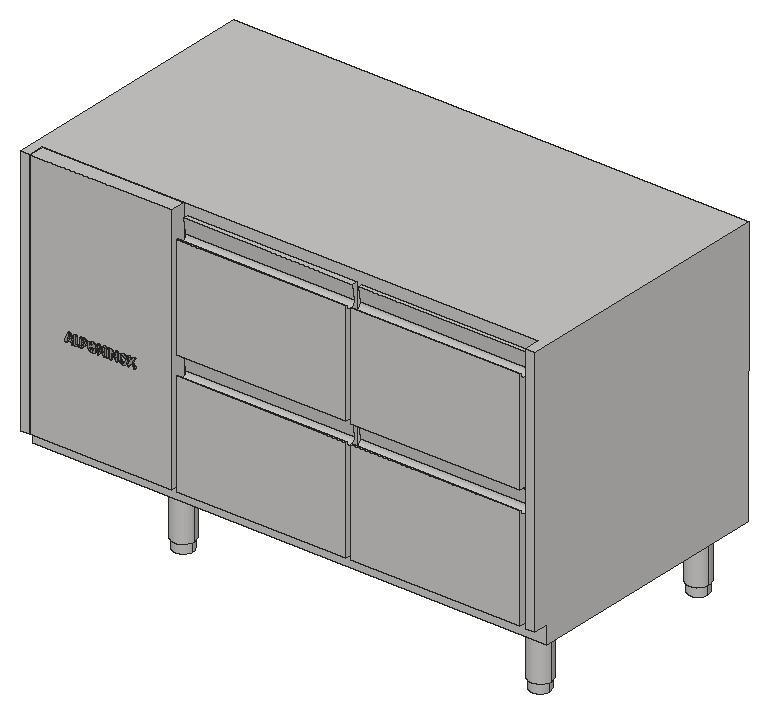
Revit family "QF_ALPENINOX_712017_AH2H7BB", category Specialty Equipment, Revit 2018 (continued)
Definition of nested family "ALP_Cooling Unit"
  Lines and regions (mm)
    Split face 133
      outline origin (110.032, 2, -125.094) x (0, 0, 1) y (-1, 0, 0)
        loop
          arc (510.649, 158.547) -> (506.648, 162.548) -> (502.647, 158.547) r 4.001
          line (502.647, 158.547) -> (502.647, 116.535)
          arc (502.647, 116.535) -> (506.648, 112.533) -> (510.649, 116.535) r 4.001
          line (510.649, 116.535) -> (510.649, 158.547)
    Split face 134
      outline origin (110.032, 2, -137.098) x (0, 0, 1) y (-1, 0, 0)
        loop
          arc (510.649, 158.547) -> (506.648, 162.548) -> (502.647, 158.547) r 4.001
          line (502.647, 158.547) -> (502.647, 116.535)
          arc (502.647, 116.535) -> (506.648, 112.533) -> (510.649, 116.535) r 4.001
          line (510.649, 116.535) -> (510.649, 158.547)
    Split face 135
      outline origin (110.032, 2, -149.101) x (0, 0, 1) y (-1, 0, 0)
        loop
          arc (510.649, 158.547) -> (506.648, 162.548) -> (502.647, 158.547) r 4.001
          line (502.647, 158.547) -> (502.647, 116.535)
          arc (502.647, 116.535) -> (506.648, 112.533) -> (510.649, 116.535) r 4.001
          line (510.649, 116.535) -> (510.649, 158.547)
    Split face 136
      outline origin (110.032, 2, -161.105) x (0, 0, 1) y (-1, 0, 0)
        loop
          arc (510.649, 158.547) -> (506.648, 162.548) -> (502.647, 158.547) r 4.001
          line (502.647, 158.547) -> (502.647, 116.535)
          arc (502.647, 116.535) -> (506.648, 112.533) -> (510.649, 116.535) r 4.001
          line (510.649, 116.535) -> (510.649, 158.547)
    Split face 137
      outline origin (110.032, 2, -173.108) x (0, 0, 1) y (-1, 0, 0)
        loop
          arc (510.649, 158.547) -> (506.648, 162.548) -> (502.647, 158.547) r 4.001
          line (502.647, 158.547) -> (502.647, 116.535)
          arc (502.647, 116.535) -> (506.648, 112.533) -> (510.649, 116.535) r 4.001
          line (510.649, 116.535) -> (510.649, 158.547)
    Split face 138
      outline origin (110.032, 2, -185.112) x (0, 0, 1) y (-1, 0, 0)
        loop
          arc (510.649, 158.547) -> (506.648, 162.548) -> (502.647, 158.547) r 4.001
          line (502.647, 158.547) -> (502.647, 116.535)
          arc (502.647, 116.535) -> (506.648, 112.533) -> (510.649, 116.535) r 4.001
          line (510.649, 116.535) -> (510.649, 158.547)
    Split face 139
      outline origin (110.032, 2, -197.115) x (0, 0, 1) y (-1, 0, 0)
        loop
          arc (510.649, 158.547) -> (506.648, 162.548) -> (502.647, 158.547) r 4.001
          line (502.647, 158.547) -> (502.647, 116.535)
          arc (502.647, 116.535) -> (506.648, 112.533) -> (510.649, 116.535) r 4.001
          line (510.649, 116.535) -> (510.649, 158.547)
    Split face 140
      outline origin (110.032, 2, -209.119) x (0, 0, 1) y (-1, 0, 0)
        loop
          arc (510.649, 158.547) -> (506.648, 162.548) -> (502.647, 158.547) r 4.001
          line (502.647, 158.547) -> (502.647, 116.535)
          arc (502.647, 116.535) -> (506.648, 112.533) -> (510.649, 116.535) r 4.001
          line (510.649, 116.535) -> (510.649, 158.547)
    Split face 141
      outline origin (110.032, 2, -221.122) x (0, 0, 1) y (-1, 0, 0)
        loop
          arc (510.649, 158.547) -> (506.648, 162.548) -> (502.647, 158.547) r 4.001
          line (502.647, 158.547) -> (502.647, 116.535)
          arc (502.647, 116.535) -> (506.648, 112.533) -> (510.649, 116.535) r 4.001
          line (510.649, 116.535) -> (510.649, 158.547)
    Split face 142
      outline origin (110.032, 2, -233.126) x (0, 0, 1) y (-1, 0, 0)
        loop
          arc (510.649, 158.547) -> (506.648, 162.548) -> (502.647, 158.547) r 4.001
          line (502.647, 158.547) -> (502.647, 116.535)
          arc (502.647, 116.535) -> (506.648, 112.533) -> (510.649, 116.535) r 4.001
          line (510.649, 116.535) -> (510.649, 158.547)
    Split face 143
      outline origin (110.032, 2, -245.129) x (0, 0, 1) y (-1, 0, 0)
        loop
          arc (510.649, 158.547) -> (506.648, 162.548) -> (502.647, 158.547) r 4.001
          line (502.647, 158.547) -> (502.647, 116.535)
          arc (502.647, 116.535) -> (506.648, 112.533) -> (510.649, 116.535) r 4.001
          line (510.649, 116.535) -> (510.649, 158.547)
    Split face 144
      outline origin (110.032, 2, -257.133) x (0, 0, 1) y (-1, 0, 0)
        loop
          arc (510.649, 158.547) -> (506.648, 162.548) -> (502.647, 158.547) r 4.001
          line (502.647, 158.547) -> (502.647, 116.535)
          arc (502.647, 116.535) -> (506.648, 112.533) -> (510.649, 116.535) r 4.001
          line (510.649, 116.535) -> (510.649, 158.547)
    Split face 145
      outline origin (110.032, 2, -269.136) x (0, 0, 1) y (-1, 0, 0)
        loop
          arc (510.649, 158.547) -> (506.648, 162.548) -> (502.647, 158.547) r 4.001
          line (502.647, 158.547) -> (502.647, 116.535)
          arc (502.647, 116.535) -> (506.648, 112.533) -> (510.649, 116.535) r 4.001
          line (510.649, 116.535) -> (510.649, 158.547)
    Split face 146
      outline origin (110.032, 2, -281.14) x (0, 0, 1) y (-1, 0, 0)
        loop
          arc (510.649, 158.547) -> (506.648, 162.548) -> (502.647, 158.547) r 4.001
          line (502.647, 158.547) -> (502.647, 116.535)
          arc (502.647, 116.535) -> (506.648, 112.533) -> (510.649, 116.535) r 4.001
          line (510.649, 116.535) -> (510.649, 158.547)
    Split face 147
      outline origin (110.032, 2, -293.144) x (0, 0, 1) y (-1, 0, 0)
        loop
          arc (510.649, 158.547) -> (506.648, 162.548) -> (502.647, 158.547) r 4.001
          line (502.647, 158.547) -> (502.647, 116.535)
          arc (502.647, 116.535) -> (506.648, 112.533) -> (510.649, 116.535) r 4.001
          line (510.649, 116.535) -> (510.649, 158.547)
    Split face 148
      outline origin (165.048, 2, -113.091) x (0, 0, 1) y (-1, 0, 0)
        loop
          arc (510.649, 158.547) -> (506.648, 162.548) -> (502.647, 158.547) r 4.001
          line (502.647, 158.547) -> (502.647, 116.535)
          arc (502.647, 116.535) -> (506.648, 112.533) -> (510.649, 116.535) r 4.001
          line (510.649, 116.535) -> (510.649, 158.547)
    Split face 149
      outline origin (165.048, 2, -125.094) x (0, 0, 1) y (-1, 0, 0)
        loop
          arc (510.649, 158.547) -> (506.648, 162.548) -> (502.647, 158.547) r 4.001
          line (502.647, 158.547) -> (502.647, 116.535)
          arc (502.647, 116.535) -> (506.648, 112.533) -> (510.649, 116.535) r 4.001
          line (510.649, 116.535) -> (510.649, 158.547)
    Split face 150
      outline origin (165.048, 2, -137.098) x (0, 0, 1) y (-1, 0, 0)
        loop
          arc (510.649, 158.547) -> (506.648, 162.548) -> (502.647, 158.547) r 4.001
          line (502.647, 158.547) -> (502.647, 116.535)
          arc (502.647, 116.535) -> (506.648, 112.533) -> (510.649, 116.535) r 4.001
          line (510.649, 116.535) -> (510.649, 158.547)
    Split face 151
      outline origin (165.048, 2, -149.101) x (0, 0, 1) y (-1, 0, 0)
        loop
          arc (510.649, 158.547) -> (506.648, 162.548) -> (502.647, 158.547) r 4.001
          line (502.647, 158.547) -> (502.647, 116.535)
          arc (502.647, 116.535) -> (506.648, 112.533) -> (510.649, 116.535) r 4.001
          line (510.649, 116.535) -> (510.649, 158.547)
    Split face 152
      outline origin (165.048, 2, -161.105) x (0, 0, 1) y (-1, 0, 0)
        loop
          arc (510.649, 158.547) -> (506.648, 162.548) -> (502.647, 158.547) r 4.001
          line (502.647, 158.547) -> (502.647, 116.535)
          arc (502.647, 116.535) -> (506.648, 112.533) -> (510.649, 116.535) r 4.001
          line (510.649, 116.535) -> (510.649, 158.547)
    Split face 153
      outline origin (165.048, 2, -173.108) x (0, 0, 1) y (-1, 0, 0)
        loop
          arc (510.649, 158.547) -> (506.648, 162.548) -> (502.647, 158.547) r 4.001
          line (502.647, 158.547) -> (502.647, 116.535)
          arc (502.647, 116.535) -> (506.648, 112.533) -> (510.649, 116.535) r 4.001
          line (510.649, 116.535) -> (510.649, 158.547)
    Split face 154
      outline origin (165.048, 2, -185.112) x (0, 0, 1) y (-1, 0, 0)
        loop
          arc (510.649, 158.547) -> (506.648, 162.548) -> (502.647, 158.547) r 4.001
          line (502.647, 158.547) -> (502.647, 116.535)
          arc (502.647, 116.535) -> (506.648, 112.533) -> (510.649, 116.535) r 4.001
          line (510.649, 116.535) -> (510.649, 158.547)
    Split face 155
      outline origin (165.048, 2, -197.115) x (0, 0, 1) y (-1, 0, 0)
        loop
          arc (510.649, 158.547) -> (506.648, 162.548) -> (502.647, 158.547) r 4.001
          line (502.647, 158.547) -> (502.647, 116.535)
          arc (502.647, 116.535) -> (506.648, 112.533) -> (510.649, 116.535) r 4.001
          line (510.649, 116.535) -> (510.649, 158.547)
    Split face 156
      outline origin (165.048, 2, -209.119) x (0, 0, 1) y (-1, 0, 0)
        loop
          arc (510.649, 158.547) -> (506.648, 162.548) -> (502.647, 158.547) r 4.001
          line (502.647, 158.547) -> (502.647, 116.535)
          arc (502.647, 116.535) -> (506.648, 112.533) -> (510.649, 116.535) r 4.001
          line (510.649, 116.535) -> (510.649, 158.547)
    Split face 157
      outline origin (165.048, 2, -221.122) x (0, 0, 1) y (-1, 0, 0)
        loop
          arc (510.649, 158.547) -> (506.648, 162.548) -> (502.647, 158.547) r 4.001
          line (502.647, 158.547) -> (502.647, 116.535)
          arc (502.647, 116.535) -> (506.648, 112.533) -> (510.649, 116.535) r 4.001
          line (510.649, 116.535) -> (510.649, 158.547)
    Split face 158
      outline origin (165.048, 2, -233.126) x (0, 0, 1) y (-1, 0, 0)
        loop
          arc (510.649, 158.547) -> (506.648, 162.548) -> (502.647, 158.547) r 4.001
          line (502.647, 158.547) -> (502.647, 116.535)
          arc (502.647, 116.535) -> (506.648, 112.533) -> (510.649, 116.535) r 4.001
          line (510.649, 116.535) -> (510.649, 158.547)
    Split face 159
      outline origin (165.048, 2, -245.129) x (0, 0, 1) y (-1, 0, 0)
        loop
          arc (510.649, 158.547) -> (506.648, 162.548) -> (502.647, 158.547) r 4.001
          line (502.647, 158.547) -> (502.647, 116.535)
          arc (502.647, 116.535) -> (506.648, 112.533) -> (510.649, 116.535) r 4.001
          line (510.649, 116.535) -> (510.649, 158.547)
    Split face 160
      outline origin (165.048, 2, -257.133) x (0, 0, 1) y (-1, 0, 0)
        loop
          arc (510.649, 158.547) -> (506.648, 162.548) -> (502.647, 158.547) r 4.001
          line (502.647, 158.547) -> (502.647, 116.535)
          arc (502.647, 116.535) -> (506.648, 112.533) -> (510.649, 116.535) r 4.001
          line (510.649, 116.535) -> (510.649, 158.547)
    Split face 161
      outline origin (165.048, 2, -269.136) x (0, 0, 1) y (-1, 0, 0)
        loop
          arc (510.649, 158.547) -> (506.648, 162.548) -> (502.647, 158.547) r 4.001
          line (502.647, 158.547) -> (502.647, 116.535)
          arc (502.647, 116.535) -> (506.648, 112.533) -> (510.649, 116.535) r 4.001
          line (510.649, 116.535) -> (510.649, 158.547)
    Split face 162
      outline origin (165.048, 2, -281.14) x (0, 0, 1) y (-1, 0, 0)
        loop
          arc (510.649, 158.547) -> (506.648, 162.548) -> (502.647, 158.547) r 4.001
          line (502.647, 158.547) -> (502.647, 116.535)
          arc (502.647, 116.535) -> (506.648, 112.533) -> (510.649, 116.535) r 4.001
          line (510.649, 116.535) -> (510.649, 158.547)
    Split face 163
      outline origin (165.048, 2, -293.144) x (0, 0, 1) y (-1, 0, 0)
        loop
          arc (510.649, 158.547) -> (506.648, 162.548) -> (502.647, 158.547) r 4.001
          line (502.647, 158.547) -> (502.647, 116.535)
          arc (502.647, 116.535) -> (506.648, 112.533) -> (510.649, 116.535) r 4.001
          line (510.649, 116.535) -> (510.649, 158.547)
    Split face 164
      outline origin (220.064, 2, -113.091) x (0, 0, 1) y (-1, 0, 0)
        loop
          arc (510.649, 158.547) -> (506.648, 162.548) -> (502.647, 158.547) r 4.001
          line (502.647, 158.547) -> (502.647, 116.535)
          arc (502.647, 116.535) -> (506.648, 112.533) -> (510.649, 116.535) r 4.001
          line (510.649, 116.535) -> (510.649, 158.547)
    Split face 165
      outline origin (220.064, 2, -125.094) x (0, 0, 1) y (-1, 0, 0)
        loop
          arc (510.649, 158.547) -> (506.648, 162.548) -> (502.647, 158.547) r 4.001
          line (502.647, 158.547) -> (502.647, 116.535)
          arc (502.647, 116.535) -> (506.648, 112.533) -> (510.649, 116.535) r 4.001
          line (510.649, 116.535) -> (510.649, 158.547)
    Split face 166
      outline origin (220.064, 2, -137.098) x (0, 0, 1) y (-1, 0, 0)
        loop
          arc (510.649, 158.547) -> (506.648, 162.548) -> (502.647, 158.547) r 4.001
          line (502.647, 158.547) -> (502.647, 116.535)
          arc (502.647, 116.535) -> (506.648, 112.533) -> (510.649, 116.535) r 4.001
          line (510.649, 116.535) -> (510.649, 158.547)
    Split face 167
      outline origin (220.064, 2, -149.101) x (0, 0, 1) y (-1, 0, 0)
        loop
          arc (510.649, 158.547) -> (506.648, 162.548) -> (502.647, 158.547) r 4.001
          line (502.647, 158.547) -> (502.647, 116.535)
          arc (502.647, 116.535) -> (506.648, 112.533) -> (510.649, 116.535) r 4.001
          line (510.649, 116.535) -> (510.649, 158.547)
    Split face 168
      outline origin (220.064, 2, -161.105) x (0, 0, 1) y (-1, 0, 0)
        loop
          arc (510.649, 158.547) -> (506.648, 162.548) -> (502.647, 158.547) r 4.001
          line (502.647, 158.547) -> (502.647, 116.535)
          arc (502.647, 116.535) -> (506.648, 112.533) -> (510.649, 116.535) r 4.001
          line (510.649, 116.535) -> (510.649, 158.547)
    Split face 169
      outline origin (220.064, 2, -173.108) x (0, 0, 1) y (-1, 0, 0)
        loop
          arc (510.649, 158.547) -> (506.648, 162.548) -> (502.647, 158.547) r 4.001
          line (502.647, 158.547) -> (502.647, 116.535)
          arc (502.647, 116.535) -> (506.648, 112.533) -> (510.649, 116.535) r 4.001
          line (510.649, 116.535) -> (510.649, 158.547)
    Split face 170
      outline origin (220.064, 2, -185.112) x (0, 0, 1) y (-1, 0, 0)
        loop
          arc (510.649, 158.547) -> (506.648, 162.548) -> (502.647, 158.547) r 4.001
          line (502.647, 158.547) -> (502.647, 116.535)
          arc (502.647, 116.535) -> (506.648, 112.533) -> (510.649, 116.535) r 4.001
          line (510.649, 116.535) -> (510.649, 158.547)
    Split face 171
      outline origin (220.064, 2, -197.115) x (0, 0, 1) y (-1, 0, 0)
        loop
          arc (510.649, 158.547) -> (506.648, 162.548) -> (502.647, 158.547) r 4.001
          line (502.647, 158.547) -> (502.647, 116.535)
          arc (502.647, 116.535) -> (506.648, 112.533) -> (510.649, 116.535) r 4.001
          line (510.649, 116.535) -> (510.649, 158.547)
    Split face 172
      outline origin (220.064, 2, -209.119) x (0, 0, 1) y (-1, 0, 0)
        loop
          arc (510.649, 158.547) -> (506.648, 162.548) -> (502.647, 158.547) r 4.001
          line (502.647, 158.547) -> (502.647, 116.535)
          arc (502.647, 116.535) -> (506.648, 112.533) -> (510.649, 116.535) r 4.001
          line (510.649, 116.535) -> (510.649, 158.547)
    Split face 173
      outline origin (220.064, 2, -221.122) x (0, 0, 1) y (-1, 0, 0)
        loop
          arc (510.649, 158.547) -> (506.648, 162.548) -> (502.647, 158.547) r 4.001
          line (502.647, 158.547) -> (502.647, 116.535)
          arc (502.647, 116.535) -> (506.648, 112.533) -> (510.649, 116.535) r 4.001
          line (510.649, 116.535) -> (510.649, 158.547)
    Split face 174
      outline origin (220.064, 2, -233.126) x (0, 0, 1) y (-1, 0, 0)
        loop
          arc (510.649, 158.547) -> (506.648, 162.548) -> (502.647, 158.547) r 4.001
          line (502.647, 158.547) -> (502.647, 116.535)
          arc (502.647, 116.535) -> (506.648, 112.533) -> (510.649, 116.535) r 4.001
          line (510.649, 116.535) -> (510.649, 158.547)
    Split face 175
      outline origin (220.064, 2, -245.129) x (0, 0, 1) y (-1, 0, 0)
        loop
          arc (510.649, 158.547) -> (506.648, 162.548) -> (502.647, 158.547) r 4.001
          line (502.647, 158.547) -> (502.647, 116.535)
          arc (502.647, 116.535) -> (506.648, 112.533) -> (510.649, 116.535) r 4.001
          line (510.649, 116.535) -> (510.649, 158.547)
    Split face 176
      outline origin (220.064, 2, -257.133) x (0, 0, 1) y (-1, 0, 0)
        loop
          arc (510.649, 158.547) -> (506.648, 162.548) -> (502.647, 158.547) r 4.001
          line (502.647, 158.547) -> (502.647, 116.535)
          arc (502.647, 116.535) -> (506.648, 112.533) -> (510.649, 116.535) r 4.001
          line (510.649, 116.535) -> (510.649, 158.547)
    Split face 177
      outline origin (220.064, 2, -269.136) x (0, 0, 1) y (-1, 0, 0)
        loop
          arc (510.649, 158.547) -> (506.648, 162.548) -> (502.647, 158.547) r 4.001
          line (502.647, 158.547) -> (502.647, 116.535)
          arc (502.647, 116.535) -> (506.648, 112.533) -> (510.649, 116.535) r 4.001
          line (510.649, 116.535) -> (510.649, 158.547)
    Split face 178
      outline origin (220.064, 2, -281.14) x (0, 0, 1) y (-1, 0, 0)
        loop
          arc (510.649, 158.547) -> (506.648, 162.548) -> (502.647, 158.547) r 4.001
          line (502.647, 158.547) -> (502.647, 116.535)
          arc (502.647, 116.535) -> (506.648, 112.533) -> (510.649, 116.535) r 4.001
          line (510.649, 116.535) -> (510.649, 158.547)
    Split face 179
      outline origin (220.064, 2, -293.144) x (0, 0, 1) y (-1, 0, 0)
        loop
          arc (510.649, 158.547) -> (506.648, 162.548) -> (502.647, 158.547) r 4.001
          line (502.647, 158.547) -> (502.647, 116.535)
          arc (502.647, 116.535) -> (506.648, 112.533) -> (510.649, 116.535) r 4.001
          line (510.649, 116.535) -> (510.649, 158.547)
    Split face 180
      outline origin (275.081, 2, -113.091) x (0, 0, 1) y (-1, 0, 0)
        loop
          arc (510.649, 158.547) -> (506.648, 162.548) -> (502.647, 158.547) r 4.001
          line (502.647, 158.547) -> (502.647, 116.535)
          arc (502.647, 116.535) -> (506.648, 112.533) -> (510.649, 116.535) r 4.001
          line (510.649, 116.535) -> (510.649, 158.547)
    Split face 181
      outline origin (275.081, 2, -125.094) x (0, 0, 1) y (-1, 0, 0)
        loop
          arc (510.649, 158.547) -> (506.648, 162.548) -> (502.647, 158.547) r 4.001
          line (502.647, 158.547) -> (502.647, 116.535)
          arc (502.647, 116.535) -> (506.648, 112.533) -> (510.649, 116.535) r 4.001
          line (510.649, 116.535) -> (510.649, 158.547)
    Split face 182
      outline origin (275.081, 2, -137.098) x (0, 0, 1) y (-1, 0, 0)
        loop
          arc (510.649, 158.547) -> (506.648, 162.548) -> (502.647, 158.547) r 4.001
          line (502.647, 158.547) -> (502.647, 116.535)
          arc (502.647, 116.535) -> (506.648, 112.533) -> (510.649, 116.535) r 4.001
          line (510.649, 116.535) -> (510.649, 158.547)
    Split face 183
      outline origin (275.081, 2, -149.101) x (0, 0, 1) y (-1, 0, 0)
        loop
          arc (510.649, 158.547) -> (506.648, 162.548) -> (502.647, 158.547) r 4.001
          line (502.647, 158.547) -> (502.647, 116.535)
          arc (502.647, 116.535) -> (506.648, 112.533) -> (510.649, 116.535) r 4.001
          line (510.649, 116.535) -> (510.649, 158.547)
    Split face 184
      outline origin (275.081, 2, -161.105) x (0, 0, 1) y (-1, 0, 0)
        loop
          arc (510.649, 158.547) -> (506.648, 162.548) -> (502.647, 158.547) r 4.001
          line (502.647, 158.547) -> (502.647, 116.535)
          arc (502.647, 116.535) -> (506.648, 112.533) -> (510.649, 116.535) r 4.001
          line (510.649, 116.535) -> (510.649, 158.547)
    Split face 185
      outline origin (275.081, 2, -173.108) x (0, 0, 1) y (-1, 0, 0)
        loop
          arc (510.649, 158.547) -> (506.648, 162.548) -> (502.647, 158.547) r 4.001
          line (502.647, 158.547) -> (502.647, 116.535)
          arc (502.647, 116.535) -> (506.648, 112.533) -> (510.649, 116.535) r 4.001
          line (510.649, 116.535) -> (510.649, 158.547)
    Split face 186
      outline origin (275.081, 2, -185.112) x (0, 0, 1) y (-1, 0, 0)
        loop
          arc (510.649, 158.547) -> (506.648, 162.548) -> (502.647, 158.547) r 4.001
          line (502.647, 158.547) -> (502.647, 116.535)
          arc (502.647, 116.535) -> (506.648, 112.533) -> (510.649, 116.535) r 4.001
          line (510.649, 116.535) -> (510.649, 158.547)
    Split face 187
      outline origin (275.081, 2, -197.115) x (0, 0, 1) y (-1, 0, 0)
        loop
          arc (510.649, 158.547) -> (506.648, 162.548) -> (502.647, 158.547) r 4.001
          line (502.647, 158.547) -> (502.647, 116.535)
          arc (502.647, 116.535) -> (506.648, 112.533) -> (510.649, 116.535) r 4.001
          line (510.649, 116.535) -> (510.649, 158.547)
    Split face 188
      outline origin (275.081, 2, -209.119) x (0, 0, 1) y (-1, 0, 0)
        loop
          arc (510.649, 158.547) -> (506.648, 162.548) -> (502.647, 158.547) r 4.001
          line (502.647, 158.547) -> (502.647, 116.535)
          arc (502.647, 116.535) -> (506.648, 112.533) -> (510.649, 116.535) r 4.001
          line (510.649, 116.535) -> (510.649, 158.547)
    Split face 189
      outline origin (275.081, 2, -221.122) x (0, 0, 1) y (-1, 0, 0)
        loop
          arc (510.649, 158.547) -> (506.648, 162.548) -> (502.647, 158.547) r 4.001
          line (502.647, 158.547) -> (502.647, 116.535)
          arc (502.647, 116.535) -> (506.648, 112.533) -> (510.649, 116.535) r 4.001
          line (510.649, 116.535) -> (510.649, 158.547)
    Split face 190
      outline origin (275.081, 2, -233.126) x (0, 0, 1) y (-1, 0, 0)
        loop
          arc (510.649, 158.547) -> (506.648, 162.548) -> (502.647, 158.547) r 4.001
          line (502.647, 158.547) -> (502.647, 116.535)
          arc (502.647, 116.535) -> (506.648, 112.533) -> (510.649, 116.535) r 4.001
          line (510.649, 116.535) -> (510.649, 158.547)
    Split face 191
      outline origin (275.081, 2, -245.129) x (0, 0, 1) y (-1, 0, 0)
        loop
          arc (510.649, 158.547) -> (506.648, 162.548) -> (502.647, 158.547) r 4.001
          line (502.647, 158.547) -> (502.647, 116.535)
          arc (502.647, 116.535) -> (506.648, 112.533) -> (510.649, 116.535) r 4.001
          line (510.649, 116.535) -> (510.649, 158.547)
    Split face 192
      outline origin (275.081, 2, -257.133) x (0, 0, 1) y (-1, 0, 0)
        loop
          arc (510.649, 158.547) -> (506.648, 162.548) -> (502.647, 158.547) r 4.001
          line (502.647, 158.547) -> (502.647, 116.535)
          arc (502.647, 116.535) -> (506.648, 112.533) -> (510.649, 116.535) r 4.001
          line (510.649, 116.535) -> (510.649, 158.547)
    Split face 193
      outline origin (275.081, 2, -269.136) x (0, 0, 1) y (-1, 0, 0)
        loop
          arc (510.649, 158.547) -> (506.648, 162.548) -> (502.647, 158.547) r 4.001
          line (502.647, 158.547) -> (502.647, 116.535)
          arc (502.647, 116.535) -> (506.648, 112.533) -> (510.649, 116.535) r 4.001
          line (510.649, 116.535) -> (510.649, 158.547)
    Split face 194
      outline origin (275.081, 2, -281.14) x (0, 0, 1) y (-1, 0, 0)
        loop
          arc (510.649, 158.547) -> (506.648, 162.548) -> (502.647, 158.547) r 4.001
          line (502.647, 158.547) -> (502.647, 116.535)
          arc (502.647, 116.535) -> (506.648, 112.533) -> (510.649, 116.535) r 4.001
          line (510.649, 116.535) -> (510.649, 158.547)
    Split face 195
      outline origin (275.081, 2, -293.144) x (0, 0, 1) y (-1, 0, 0)
        loop
          arc (510.649, 158.547) -> (506.648, 162.548) -> (502.647, 158.547) r 4.001
          line (502.647, 158.547) -> (502.647, 116.535)
          arc (502.647, 116.535) -> (506.648, 112.533) -> (510.649, 116.535) r 4.001
          line (510.649, 116.535) -> (510.649, 158.547)
  Dimensions and locks
    aligned and locked: level to plane 2
  Nested families
    nested 1: "ALP_Logo_S" at (0, 2, 458.586) x (1, 0, 0) z (0, -1, 0), visible <- "Show Logo", type "ALP_Logo_S"
  Definition of nested family "ALP_Logo_S"
    Parameters
      Default Elevation = 0 mm
    Reference planes
      plane 1 "Centro (Fronte/Retro)": y = 0
      plane 2: z = 0
      plane 3 "Centro (Sinistra/Destra)": x = 0
    Forms (mm)
      Extrusion 1, solid
        sketch origin (0, 0, 0) x (1, 0, 0) y (0, 1, 0)
          loop
            line (-1219.2, 1219.2) -> (-1219.2, -1219.2) -> (1219.2, -1219.2) -> (1219.2, 1219.2) -> (-1219.2, 1219.2)
        from 0 to -304.8
      Extrusion 2, solid
        sketch origin (17.793, -46.218, 0) x (-1, 0, 0) y (0, -1, 0)
          loop
            line (109.007, -37.469) -> (109.244, -36.361)
            spline (109.244, -36.361) -> (109.221, -36.03) -> (109.153, -35.716) -> (109.043, -35.42) -> (108.895, -35.146) -> (108.713, -34.896) -> (108.498, -34.671) -> (108.255, -34.475) -> (107.987, -34.309) -> (107.697, -34.176) -> (107.388, -34.078) -> (107.064, -34.017) -> (106.728, -33.997)
            spline (106.728, -33.997) -> (106.393, -34.012) -> (106.085, -34.057) -> (105.803, -34.129) -> (105.547, -34.228) -> (105.315, -34.352) -> (105.105, -34.499) -> (104.918, -34.668) -> (104.752, -34.858) -> (104.605, -35.066) -> (104.478, -35.291) -> (104.368, -35.532) -> (104.275, -35.787)
            line (104.275, -35.787) -> (103.256, -38.92) -> (93.799, -38.92) -> (92.773, -35.75)
            spline (92.773, -35.75) -> (92.68, -35.504) -> (92.57, -35.27) -> (92.443, -35.05) -> (92.296, -34.847) -> (92.129, -34.661) -> (91.941, -34.495) -> (91.729, -34.35) -> (91.494, -34.227) -> (91.234, -34.129) -> (90.948, -34.056) -> (90.634, -34.012) -> (90.292, -33.997)
            spline (90.292, -33.997) -> (89.98, -34.015) -> (89.679, -34.07) -> (89.392, -34.16) -> (89.122, -34.282) -> (88.871, -34.436) -> (88.644, -34.618) -> (88.442, -34.828) -> (88.271, -35.063) -> (88.132, -35.322) -> (88.028, -35.604) -> (87.964, -35.905) -> (87.942, -36.225)
            line (87.942, -36.225) -> (88.215, -37.469) -> (94.885, -55.826)
            spline (94.885, -55.826) -> (95.044, -56.22) -> (95.23, -56.593) -> (95.444, -56.943) -> (95.685, -57.268) -> (95.953, -57.564) -> (96.246, -57.829) -> (96.565, -58.06) -> (96.909, -58.255) -> (97.278, -58.412) -> (97.672, -58.527) -> (98.088, -58.597) -> (98.529, -58.622)
            spline (98.529, -58.622) -> (98.953, -58.596) -> (99.359, -58.522) -> (99.746, -58.402) -> (100.112, -58.241) -> (100.457, -58.04) -> (100.78, -57.804) -> (101.078, -57.536) -> (101.351, -57.238) -> (101.599, -56.916) -> (101.818, -56.57) -> (102.009, -56.206) -> (102.171, -55.826)
            line (102.171, -55.826) -> (109.007, -37.469)
          loop
            line (101.794, -43.576) -> (95.326, -43.576) -> (98.522, -53.458) -> (101.794, -43.576)
          loop
            spline (85.755, -36.964) -> (85.735, -36.556) -> (85.675, -36.175) -> (85.576, -35.822) -> (85.439, -35.499) -> (85.266, -35.208) -> (85.056, -34.95) -> (84.812, -34.727) -> (84.534, -34.541) -> (84.223, -34.394) -> (83.881, -34.286) -> (83.507, -34.22) -> (83.104, -34.198)
            line (83.104, -34.198) -> (74.598, -34.198)
            spline (74.598, -34.198) -> (74.236, -34.221) -> (73.9, -34.286) -> (73.592, -34.39) -> (73.311, -34.528) -> (73.058, -34.698) -> (72.835, -34.895) -> (72.641, -35.114) -> (72.478, -35.354) -> (72.347, -35.608) -> (72.247, -35.874) -> (72.181, -36.148) -> (72.148, -36.426)
            spline (72.148, -36.426) -> (72.156, -36.715) -> (72.197, -37.004) -> (72.272, -37.289) -> (72.382, -37.565) -> (72.528, -37.827) -> (72.709, -38.07) -> (72.927, -38.288) -> (73.183, -38.478) -> (73.478, -38.635) -> (73.811, -38.752) -> (74.184, -38.827) -> (74.598, -38.852)
            line (74.598, -38.852) -> (80.653, -38.852) -> (80.653, -55.789)
            spline (80.653, -55.789) -> (80.675, -56.195) -> (80.741, -56.569) -> (80.846, -56.912) -> (80.99, -57.221) -> (81.169, -57.497) -> (81.381, -57.738) -> (81.624, -57.944) -> (81.894, -58.114) -> (82.191, -58.247) -> (82.51, -58.343) -> (82.85, -58.402) -> (83.208, -58.421)
            spline (83.208, -58.421) -> (83.565, -58.402) -> (83.904, -58.343) -> (84.222, -58.247) -> (84.517, -58.114) -> (84.787, -57.944) -> (85.029, -57.738) -> (85.241, -57.497) -> (85.419, -57.221) -> (85.563, -56.912) -> (85.668, -56.569) -> (85.733, -56.195) -> (85.755, -55.789)
            line (85.755, -55.789) -> (85.755, -36.964)
          loop
            spline (69.963, -36.629) -> (69.941, -36.222) -> (69.876, -35.847) -> (69.77, -35.505) -> (69.627, -35.196) -> (69.448, -34.921) -> (69.236, -34.68) -> (68.993, -34.474) -> (68.723, -34.305) -> (68.427, -34.171) -> (68.108, -34.075) -> (67.769, -34.017) -> (67.412, -33.998)
            spline (67.412, -33.998) -> (67.055, -34.017) -> (66.716, -34.075) -> (66.397, -34.171) -> (66.101, -34.305) -> (65.832, -34.474) -> (65.59, -34.68) -> (65.378, -34.921) -> (65.2, -35.196) -> (65.057, -35.505) -> (64.951, -35.847) -> (64.886, -36.222) -> (64.864, -36.629)
            line (64.864, -36.629) -> (64.864, -42.161) -> (61.085, -42.161)
            spline (61.085, -42.161) -> (59.938, -42.224) -> (58.836, -42.411) -> (57.789, -42.717) -> (56.807, -43.139) -> (55.902, -43.671) -> (55.083, -44.311) -> (54.361, -45.053) -> (53.747, -45.894) -> (53.251, -46.829) -> (52.884, -47.854) -> (52.656, -48.965) -> (52.577, -50.158)
            spline (52.577, -50.158) -> (52.653, -51.33) -> (52.875, -52.429) -> (53.235, -53.452) -> (53.724, -54.391) -> (54.334, -55.241) -> (55.057, -55.997) -> (55.884, -56.652) -> (56.807, -57.201) -> (57.817, -57.638) -> (58.906, -57.957) -> (60.067, -58.153) -> (61.289, -58.22)
            line (61.289, -58.22) -> (67.306, -58.22)
            spline (67.306, -58.22) -> (67.716, -58.198) -> (68.095, -58.135) -> (68.44, -58.031) -> (68.752, -57.889) -> (69.031, -57.711) -> (69.274, -57.498) -> (69.482, -57.251) -> (69.653, -56.974) -> (69.788, -56.667) -> (69.885, -56.332) -> (69.944, -55.972) -> (69.963, -55.587)
            line (69.963, -55.587) -> (69.963, -36.629)
          loop
            line (64.864, -53.764) -> (64.864, -46.61) -> (61.384, -46.61)
            spline (61.384, -46.61) -> (60.866, -46.642) -> (60.382, -46.735) -> (59.935, -46.885) -> (59.526, -47.089) -> (59.158, -47.342) -> (58.832, -47.641) -> (58.551, -47.983) -> (58.317, -48.362) -> (58.131, -48.777) -> (57.995, -49.222) -> (57.913, -49.694) -> (57.885, -50.189)
            spline (57.885, -50.189) -> (57.913, -50.684) -> (57.995, -51.156) -> (58.131, -51.601) -> (58.317, -52.015) -> (58.551, -52.394) -> (58.832, -52.735) -> (59.158, -53.034) -> (59.526, -53.287) -> (59.935, -53.49) -> (60.382, -53.64) -> (60.866, -53.733) -> (61.384, -53.764)
            line (61.384, -53.764) -> (64.864, -53.764)
          loop
            spline (32.388, -43.737) -> (31.645, -43.763) -> (30.977, -43.84) -> (30.381, -43.966) -> (29.857, -44.139) -> (29.401, -44.355) -> (29.012, -44.613) -> (28.688, -44.91) -> (28.428, -45.245) -> (28.228, -45.614) -> (28.088, -46.015) -> (28.006, -46.447) -> (27.979, -46.906)
            spline (27.979, -46.906) -> (28.073, -48.241) -> (28.349, -49.591) -> (28.801, -50.931) -> (29.42, -52.236) -> (30.198, -53.481) -> (31.128, -54.642) -> (32.202, -55.693) -> (33.412, -56.608) -> (34.751, -57.364) -> (36.211, -57.935) -> (37.784, -58.296) -> (39.462, -58.422)
            spline (39.462, -58.422) -> (41.103, -58.303) -> (42.649, -57.959) -> (44.091, -57.408) -> (45.422, -56.668) -> (46.63, -55.759) -> (47.707, -54.697) -> (48.644, -53.501) -> (49.431, -52.19) -> (50.059, -50.782) -> (50.52, -49.295) -> (50.803, -47.748) -> (50.899, -46.159)
            spline (50.899, -46.159) -> (50.801, -44.451) -> (50.511, -42.83) -> (50.039, -41.308) -> (49.392, -39.896) -> (48.579, -38.607) -> (47.608, -37.451) -> (46.488, -36.441) -> (45.226, -35.588) -> (43.831, -34.905) -> (42.311, -34.402) -> (40.675, -34.091) -> (38.93, -33.985)
            spline (38.93, -33.985) -> (37.728, -34.039) -> (36.511, -34.193) -> (35.301, -34.44) -> (34.12, -34.77) -> (32.993, -35.175) -> (31.942, -35.645) -> (30.99, -36.172) -> (30.16, -36.746) -> (29.474, -37.36) -> (28.956, -38.004) -> (28.628, -38.669) -> (28.514, -39.347)
            spline (28.514, -39.347) -> (28.53, -39.685) -> (28.577, -40.017) -> (28.656, -40.338) -> (28.765, -40.643) -> (28.905, -40.928) -> (29.073, -41.19) -> (29.27, -41.423) -> (29.495, -41.623) -> (29.748, -41.787) -> (30.028, -41.91) -> (30.333, -41.987) -> (30.665, -42.014)
            spline (30.665, -42.014) -> (31.199, -41.95) -> (31.712, -41.768) -> (32.22, -41.491) -> (32.738, -41.145) -> (33.281, -40.752) -> (33.868, -40.337) -> (34.512, -39.924) -> (35.23, -39.537) -> (36.038, -39.199) -> (36.952, -38.934) -> (37.987, -38.768) -> (39.161, -38.722)
            spline (39.161, -38.722) -> (39.894, -38.774) -> (40.606, -38.897) -> (41.291, -39.091) -> (41.943, -39.354) -> (42.554, -39.684) -> (43.119, -40.08) -> (43.632, -40.54) -> (44.086, -41.061) -> (44.475, -41.643) -> (44.792, -42.285) -> (45.032, -42.983) -> (45.188, -43.737)
            line (45.188, -43.737) -> (32.388, -43.737)
          loop
            line (45.321, -48.475) -> (33.559, -48.475)
            spline (33.559, -48.475) -> (33.693, -49.163) -> (33.914, -49.841) -> (34.214, -50.497) -> (34.588, -51.123) -> (35.029, -51.71) -> (35.531, -52.248) -> (36.087, -52.729) -> (36.691, -53.143) -> (37.337, -53.481) -> (38.018, -53.734) -> (38.729, -53.893) -> (39.462, -53.948)
            spline (39.462, -53.948) -> (40.168, -53.891) -> (40.86, -53.728) -> (41.531, -53.468) -> (42.173, -53.123) -> (42.779, -52.701) -> (43.339, -52.214) -> (43.847, -51.671) -> (44.295, -51.082) -> (44.674, -50.458) -> (44.976, -49.809) -> (45.195, -49.144) -> (45.321, -48.475)
          loop
            spline (25.297, -36.629) -> (25.275, -36.222) -> (25.209, -35.847) -> (25.103, -35.505) -> (24.958, -35.196) -> (24.779, -34.92) -> (24.566, -34.679) -> (24.323, -34.474) -> (24.052, -34.304) -> (23.755, -34.17) -> (23.436, -34.074) -> (23.096, -34.016) -> (22.739, -33.997)
            spline (22.739, -33.997) -> (22.382, -34.016) -> (22.043, -34.074) -> (21.724, -34.17) -> (21.429, -34.304) -> (21.158, -34.474) -> (20.916, -34.679) -> (20.704, -34.92) -> (20.525, -35.196) -> (20.382, -35.505) -> (20.276, -35.847) -> (20.211, -36.222) -> (20.189, -36.629)
            line (20.189, -36.629) -> (20.189, -49.304) -> (9.333, -35.11) -> (7.187, -33.997)
            spline (7.187, -33.997) -> (6.83, -34.016) -> (6.49, -34.074) -> (6.172, -34.17) -> (5.876, -34.304) -> (5.606, -34.474) -> (5.363, -34.679) -> (5.151, -34.92) -> (4.972, -35.196) -> (4.829, -35.505) -> (4.723, -35.847) -> (4.658, -36.222) -> (4.636, -36.629)
            line (4.636, -36.629) -> (4.636, -55.789)
            spline (4.636, -55.789) -> (4.658, -56.195) -> (4.723, -56.569) -> (4.829, -56.912) -> (4.972, -57.221) -> (5.151, -57.497) -> (5.363, -57.738) -> (5.606, -57.944) -> (5.876, -58.114) -> (6.172, -58.247) -> (6.49, -58.343) -> (6.83, -58.402) -> (7.187, -58.421)
            spline (7.187, -58.421) -> (7.545, -58.402) -> (7.885, -58.343) -> (8.204, -58.247) -> (8.5, -58.114) -> (8.771, -57.944) -> (9.014, -57.738) -> (9.226, -57.497) -> (9.405, -57.221) -> (9.549, -56.912) -> (9.654, -56.569) -> (9.719, -56.195) -> (9.742, -55.789)
            line (9.742, -55.789) -> (9.742, -42.947) -> (20.597, -57.305) -> (22.739, -58.421)
            spline (22.739, -58.421) -> (23.096, -58.402) -> (23.436, -58.343) -> (23.755, -58.247) -> (24.052, -58.114) -> (24.323, -57.944) -> (24.566, -57.738) -> (24.779, -57.497) -> (24.958, -57.221) -> (25.103, -56.912) -> (25.209, -56.569) -> (25.275, -56.195) -> (25.297, -55.789)
            line (25.297, -55.789) -> (25.297, -36.629)
          loop
            spline (1.445, -36.629) -> (1.422, -36.222) -> (1.357, -35.847) -> (1.252, -35.505) -> (1.108, -35.196) -> (0.929, -34.92) -> (0.717, -34.679) -> (0.475, -34.474) -> (0.204, -34.304) -> (-0.092, -34.17) -> (-0.411, -34.074) -> (-0.751, -34.016) -> (-1.109, -33.997)
            spline (-1.109, -33.997) -> (-1.467, -34.016) -> (-1.807, -34.074) -> (-2.125, -34.17) -> (-2.421, -34.304) -> (-2.691, -34.474) -> (-2.933, -34.679) -> (-3.145, -34.92) -> (-3.324, -35.196) -> (-3.467, -35.505) -> (-3.572, -35.847) -> (-3.637, -36.222) -> (-3.659, -36.629)
            line (-3.659, -36.629) -> (-3.659, -55.789)
            spline (-3.659, -55.789) -> (-3.637, -56.195) -> (-3.572, -56.569) -> (-3.467, -56.912) -> (-3.324, -57.221) -> (-3.145, -57.497) -> (-2.933, -57.738) -> (-2.691, -57.944) -> (-2.421, -58.114) -> (-2.125, -58.247) -> (-1.807, -58.343) -> (-1.467, -58.402) -> (-1.109, -58.421)
            spline (-1.109, -58.421) -> (-0.751, -58.402) -> (-0.411, -58.343) -> (-0.092, -58.247) -> (0.204, -58.114) -> (0.475, -57.944) -> (0.717, -57.738) -> (0.929, -57.497) -> (1.108, -57.221) -> (1.252, -56.912) -> (1.357, -56.569) -> (1.422, -56.195) -> (1.445, -55.789)
            line (1.445, -55.789) -> (1.445, -36.629)
          loop
            spline (-6.852, -36.629) -> (-6.875, -36.222) -> (-6.94, -35.847) -> (-7.045, -35.505) -> (-7.189, -35.196) -> (-7.368, -34.92) -> (-7.58, -34.679) -> (-7.822, -34.474) -> (-8.092, -34.304) -> (-8.388, -34.17) -> (-8.706, -34.074) -> (-9.046, -34.016) -> (-9.403, -33.997)
            spline (-9.403, -33.997) -> (-9.76, -34.016) -> (-10.1, -34.074) -> (-10.42, -34.17) -> (-10.716, -34.304) -> (-10.987, -34.474) -> (-11.23, -34.679) -> (-11.442, -34.92) -> (-11.621, -35.196) -> (-11.765, -35.505) -> (-11.871, -35.847) -> (-11.936, -36.222) -> (-11.958, -36.629)
            line (-11.958, -36.629) -> (-11.958, -49.304) -> (-22.814, -35.11) -> (-24.958, -33.997)
            spline (-24.958, -33.997) -> (-25.315, -34.016) -> (-25.655, -34.074) -> (-25.974, -34.17) -> (-26.27, -34.304) -> (-26.541, -34.474) -> (-26.784, -34.679) -> (-26.996, -34.92) -> (-27.175, -35.196) -> (-27.319, -35.505) -> (-27.424, -35.847) -> (-27.49, -36.222) -> (-27.512, -36.629)
            line (-27.512, -36.629) -> (-27.512, -55.789)
            spline (-27.512, -55.789) -> (-27.49, -56.195) -> (-27.424, -56.569) -> (-27.319, -56.912) -> (-27.175, -57.221) -> (-26.996, -57.497) -> (-26.784, -57.738) -> (-26.541, -57.944) -> (-26.27, -58.114) -> (-25.974, -58.247) -> (-25.655, -58.343) -> (-25.315, -58.402) -> (-24.958, -58.421)
            spline (-24.958, -58.421) -> (-24.6, -58.402) -> (-24.26, -58.343) -> (-23.941, -58.247) -> (-23.646, -58.114) -> (-23.375, -57.944) -> (-23.133, -57.738) -> (-22.921, -57.497) -> (-22.743, -57.221) -> (-22.599, -56.912) -> (-22.494, -56.569) -> (-22.429, -56.195) -> (-22.407, -55.789)
            line (-22.407, -55.789) -> (-22.407, -42.949) -> (-11.549, -57.305) -> (-9.403, -58.421)
            spline (-9.403, -58.421) -> (-9.046, -58.402) -> (-8.706, -58.343) -> (-8.388, -58.247) -> (-8.092, -58.114) -> (-7.822, -57.944) -> (-7.58, -57.738) -> (-7.368, -57.497) -> (-7.189, -57.221) -> (-7.045, -56.912) -> (-6.94, -56.569) -> (-6.875, -56.195) -> (-6.852, -55.789)
            line (-6.852, -55.789) -> (-6.852, -36.629)
          loop
            spline (-41.905, -33.794) -> (-43.601, -33.905) -> (-45.194, -34.229) -> (-46.677, -34.752) -> (-48.04, -35.461) -> (-49.275, -36.342) -> (-50.373, -37.383) -> (-51.326, -38.569) -> (-52.125, -39.887) -> (-52.761, -41.323) -> (-53.226, -42.864) -> (-53.512, -44.497) -> (-53.609, -46.208)
            spline (-53.609, -46.208) -> (-53.509, -47.892) -> (-53.217, -49.507) -> (-52.742, -51.038) -> (-52.094, -52.472) -> (-51.284, -53.792) -> (-50.321, -54.984) -> (-49.216, -56.034) -> (-47.978, -56.926) -> (-46.618, -57.646) -> (-45.146, -58.178) -> (-43.572, -58.509) -> (-41.905, -58.622)
            spline (-41.905, -58.622) -> (-40.216, -58.512) -> (-38.628, -58.19) -> (-37.148, -57.669) -> (-35.785, -56.962) -> (-34.549, -56.084) -> (-33.449, -55.046) -> (-32.493, -53.861) -> (-31.691, -52.544) -> (-31.051, -51.107) -> (-30.583, -49.563) -> (-30.296, -47.926) -> (-30.198, -46.208)
            spline (-30.198, -46.208) -> (-30.296, -44.497) -> (-30.585, -42.864) -> (-31.055, -41.323) -> (-31.697, -39.887) -> (-32.502, -38.569) -> (-33.46, -37.383) -> (-34.562, -36.342) -> (-35.798, -35.461) -> (-37.16, -34.752) -> (-38.638, -34.229) -> (-40.223, -33.905) -> (-41.905, -33.794)
          loop
            spline (-41.905, -38.45) -> (-42.938, -38.524) -> (-43.878, -38.739) -> (-44.726, -39.084) -> (-45.482, -39.548) -> (-46.147, -40.119) -> (-46.722, -40.787) -> (-47.206, -41.541) -> (-47.601, -42.37) -> (-47.907, -43.262) -> (-48.125, -44.206) -> (-48.256, -45.192) -> (-48.299, -46.208)
            spline (-48.299, -46.208) -> (-48.255, -47.219) -> (-48.121, -48.201) -> (-47.898, -49.143) -> (-47.586, -50.035) -> (-47.186, -50.863) -> (-46.697, -51.619) -> (-46.119, -52.289) -> (-45.453, -52.862) -> (-44.698, -53.328) -> (-43.855, -53.675) -> (-42.924, -53.891) -> (-41.905, -53.966)
            spline (-41.905, -53.966) -> (-40.885, -53.891) -> (-39.953, -53.675) -> (-39.109, -53.328) -> (-38.354, -52.862) -> (-37.688, -52.289) -> (-37.11, -51.619) -> (-36.62, -50.863) -> (-36.22, -50.035) -> (-35.908, -49.143) -> (-35.685, -48.201) -> (-35.551, -47.219) -> (-35.507, -46.208)
            spline (-35.507, -46.208) -> (-35.55, -45.192) -> (-35.68, -44.206) -> (-35.898, -43.262) -> (-36.204, -42.37) -> (-36.599, -41.541) -> (-37.084, -40.787) -> (-37.659, -40.119) -> (-38.324, -39.548) -> (-39.081, -39.084) -> (-39.929, -38.739) -> (-40.87, -38.524) -> (-41.905, -38.45)
          loop
            line (-53.681, -38.08) -> (-53.106, -36.361)
            spline (-53.106, -36.361) -> (-53.128, -36.016) -> (-53.193, -35.692) -> (-53.299, -35.392) -> (-53.443, -35.116) -> (-53.623, -34.867) -> (-53.837, -34.646) -> (-54.082, -34.454) -> (-54.355, -34.294) -> (-54.656, -34.166) -> (-54.98, -34.073) -> (-55.327, -34.016) -> (-55.693, -33.997)
            spline (-55.693, -33.997) -> (-55.917, -34.005) -> (-56.131, -34.03) -> (-56.336, -34.071) -> (-56.532, -34.129) -> (-56.72, -34.201) -> (-56.899, -34.289) -> (-57.069, -34.391) -> (-57.231, -34.508) -> (-57.386, -34.639) -> (-57.532, -34.783) -> (-57.67, -34.94) -> (-57.8, -35.11)
            line (-57.8, -35.11) -> (-63.381, -42.802) -> (-68.963, -35.11)
            spline (-68.963, -35.11) -> (-69.095, -34.94) -> (-69.233, -34.783) -> (-69.379, -34.639) -> (-69.533, -34.508) -> (-69.695, -34.391) -> (-69.866, -34.289) -> (-70.044, -34.201) -> (-70.232, -34.129) -> (-70.429, -34.071) -> (-70.634, -34.03) -> (-70.85, -34.005) -> (-71.075, -33.997)
            spline (-71.075, -33.997) -> (-71.44, -34.016) -> (-71.785, -34.073) -> (-72.109, -34.166) -> (-72.409, -34.294) -> (-72.682, -34.454) -> (-72.927, -34.646) -> (-73.141, -34.867) -> (-73.321, -35.116) -> (-73.466, -35.392) -> (-73.572, -35.692) -> (-73.637, -36.016) -> (-73.659, -36.361)
            line (-73.659, -36.361) -> (-73.081, -38.08) -> (-66.345, -47.048) -> (-71.856, -54.473) -> (-72.401, -55.959)
            spline (-72.401, -55.959) -> (-72.378, -56.319) -> (-72.311, -56.656) -> (-72.203, -56.969) -> (-72.055, -57.256) -> (-71.872, -57.516) -> (-71.656, -57.746) -> (-71.409, -57.945) -> (-71.134, -58.112) -> (-70.834, -58.245) -> (-70.512, -58.342) -> (-70.171, -58.402) -> (-69.812, -58.422)
            spline (-69.812, -58.422) -> (-69.6, -58.41) -> (-69.387, -58.376) -> (-69.176, -58.322) -> (-68.968, -58.248) -> (-68.765, -58.157) -> (-68.568, -58.05) -> (-68.379, -57.93) -> (-68.199, -57.796) -> (-68.03, -57.652) -> (-67.873, -57.499) -> (-67.731, -57.339) -> (-67.603, -57.172)
            line (-67.603, -57.172) -> (-63.381, -51.236) -> (-59.162, -57.172)
            spline (-59.162, -57.172) -> (-59.034, -57.339) -> (-58.892, -57.499) -> (-58.735, -57.652) -> (-58.566, -57.796) -> (-58.386, -57.93) -> (-58.197, -58.05) -> (-58, -58.157) -> (-57.796, -58.248) -> (-57.588, -58.322) -> (-57.377, -58.376) -> (-57.165, -58.41) -> (-56.952, -58.422)
            spline (-56.952, -58.422) -> (-56.594, -58.402) -> (-56.253, -58.342) -> (-55.931, -58.245) -> (-55.632, -58.112) -> (-55.358, -57.945) -> (-55.111, -57.746) -> (-54.895, -57.516) -> (-54.712, -57.256) -> (-54.564, -56.969) -> (-54.456, -56.656) -> (-54.389, -56.319) -> (-54.366, -55.959)
            line (-54.366, -55.959) -> (-54.909, -54.473) -> (-60.423, -47.048) -> (-53.681, -38.08)
        from 0 to 1.644
    Dimensions and locks
      aligned and locked: plane 2 to Extrusion 1
      aligned and locked: level to Extrusion 1
Definition of nested family "Refrigerator"
  Reference planes
    plane 1 "Center (Front/Back)": y = 0
    plane 2: z = 0
    plane 3 "Center (Left/Right)": x = 0
  Lines and regions (mm)
    detail lines, in view "Ref. Level"
      curve 1: spline (-500, 190, 0) -> (-493.185, 166.706, 0) -> (-473.205, 145, 0) -> (-441.421, 126.36, 0) -> (-400, 112.058, 0) -> (-351.764, 103.067, 0) -> (-300, 100, 0) -> (-248.236, 103.067, 0) -> (-200, 112.058, 0) -> (-158.579, 126.36, 0) -> (-126.795, 145, 0) -> (-106.815, 166.706, 0) -> (-100, 190, 0) -> (-106.815, 213.294, 0) -> (-126.795, 235, 0) -> (-158.579, 253.64, 0) -> (-200, 267.942, 0) -> (-248.236, 276.933, 0) -> (-300, 280, 0) -> (-351.764, 276.933, 0) -> (-400, 267.942, 0) -> (-441.421, 253.64, 0) -> (-473.205, 235, 0) -> (-493.185, 213.294, 0) -> (-500, 190, 0)
      curve 2: line (-300, 130, 0) -> (-300, 250, 0)
      curve 3: line (-351.962, 220, 0) -> (-248.038, 160, 0)
      curve 4: line (-351.962, 160, 0) -> (-248.038, 220, 0)
      curve 5: line (-280.884, 246.873, 0) -> (-300, 225, 0)
      curve 6: line (-300, 225, 0) -> (-319.116, 246.873, 0)
      curve 7: line (-330.311, 207.5, 0) -> (-339.696, 234.992, 0)
      curve 8: line (-358.812, 201.882, 0) -> (-330.311, 207.5, 0)
      curve 9: line (-330.311, 172.5, 0) -> (-358.812, 178.118, 0)
      curve 10: line (-339.696, 145.008, 0) -> (-330.311, 172.5, 0)
      curve 11: line (-300, 155, 0) -> (-319.116, 133.127, 0)
      curve 12: line (-280.884, 133.127, 0) -> (-300, 155, 0)
      curve 13: line (-269.689, 172.5, 0) -> (-260.304, 145.008, 0)
      curve 14: line (-241.188, 178.118, 0) -> (-269.689, 172.5, 0)
      curve 15: line (-269.689, 207.5, 0) -> (-241.188, 201.882, 0)
      curve 16: line (-260.304, 234.992, 0) -> (-269.689, 207.5, 0)
